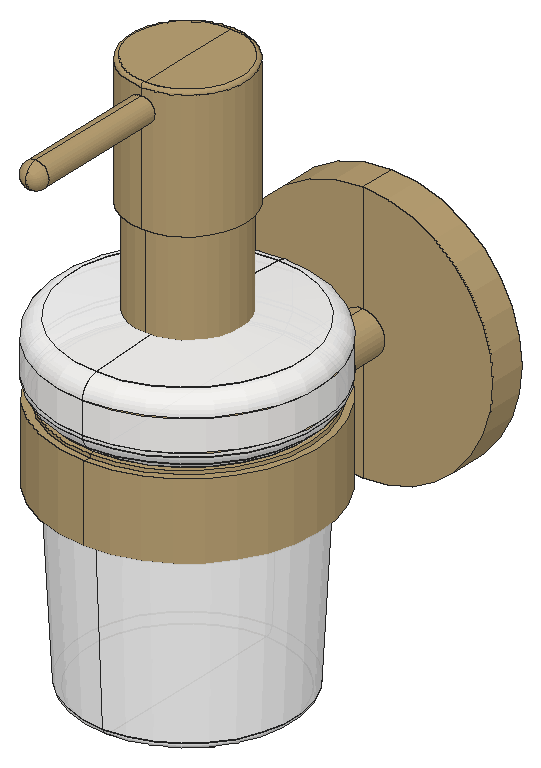
Revit family "Reece_Accessory_GROHE_Essentials_Soap Dispenser", category Plumbing Fixtures, Revit 2018
Family settings
  Round Connector Dimension = Use Diameter
  Part Type = Normal
  Work Plane-Based = Yes
  Always vertical = Yes
  Cut with Voids When Loaded = Yes
  Shared = Yes
  Room Calculation Point = Yes
Parameters (values of type "Chrome_Glass")
  URL = "https://www.reece.com.au/product/-9509011"
  Type Comments = "Accessory"
  Reece_Product_Web Page = "https://www.reece.com.au/product/-9509011"
  Reece_Product_Type = "Accessory"  # constant formula
  Reece_Product_Sub Brand = "Essentials"  # constant formula
  Reece_Product_Number = "9509011"
  Reece_Product_Mount = "Wall Mounted"
  Reece_Product_Description = "GROHE Essentials Accessories Soap Dispenser Brushed Cool Sunrise"
  Reece_Product_Brand = "GROHE"  # constant formula
  Reece_Overall_Width = 72 mm  # constant formula
  Reece_Overall_Height = 156 mm  # constant formula
  Reece_Material_Secondary = Reece_Safety Glass_Opaque
  Reece_Material_Main = Reece_Metal_Brushed_Cool Sunrise
  Reece_Height_From_Level [instance] = 1000 mm
  Reece_Detail_Shape = ""
  Reece_Detail_Installation = ""
  Reece_Detail_Disclaimer = "THIS FILE IS THE PROPERTY OF THE REECE GROUP. IT MAY NOT BE REPRODUCED, REVERSE-ENGINEERED OR MODIFIED. ANY REPUBLICATION, TRANSMISSION OR DISTRIBUTION FOR THE PURPOSE OF COMMERCIALLY EXPLOITING THE FILES IS PROHIBITED."  # constant formula
  Reece_Detail_Connector = ""
  Reece_Detail_Additional = ""
  Reece_Accessory_Projection = 126 mm  # constant formula
  Model = "Essentials"
  Manufacturer = "GROHE"
  Keynote = "Product #9509011, Reece_Accessory_GROHE_Essentials_Soap Dispenser - Brushed Cool Sunrise_Glass"
  Disclaimer = "THIS FILE IS THE PROPERTY OF THE REECE GROUP. IT MAY NOT BE REPRODUCED, REVERSE-ENGINEERED OR MODIFIED. ANY REPUBLICATION, TRANSMISSION OR DISTRIBUTION FOR THE PURPOSE OF COMMERCIALLY EXPLOITING THE FILES IS PROHIBITED."  # constant formula
  Description = "GROHE Essentials Accessories Soap Dispenser Brushed Cool Sunrise"
  Default Elevation = 0 mm
Reference planes
  plane 1 "Center (Front/Back)": y = 0
  plane 2 "Bottom Host Plane": z = -5
  plane 3 "Center (Left/Right)": x = 0
  plane 4 "Fixing Point": z = 1000
  plane 5: y = -126
  plane 6: z = 1095.19
  plane 7: z = 939.19
  plane 8: x = -36
  plane 9: x = 36
Forms (mm)
  Revolve 1, solid, material "Reece_Safety Glass_Opaque" <- "Reece_Material_Secondary"
    sketch origin (0, 0, 45.19) x (0, 1, 0) y (0, 0, 1)
      loop
        line (-80.96, 987.5) -> (-80.96, 986.4) -> (-101.817, 985.307)
        arc (-101.817, 985.307) -> (-105.182, 983.756) -> (-106.555, 980.314) r 5
        line (-106.555, 980.314) -> (-106.555, 971.69)
        arc (-106.555, 971.69) -> (-106.523, 971.128) -> (-106.429, 970.573) r 5
        arc (-106.429, 970.573) -> (-105.93, 969.27) -> (-105.09, 968.155) r 5
        line (-105.09, 968.155) -> (-103.196, 966.26) -> (-99.499, 895.895)
        arc (-99.499, 895.895) -> (-98.878, 894.549) -> (-97.501, 894) r 2
        line (-97.501, 894) -> (-70.31, 894) -> (-70.31, 987.5) -> (-80.96, 987.5)
      axis (-70.31, 987.5) -> (-70.31, 894)
    angle from 0 to 360
  Revolve 2, solid, material "Reece_Metal_Brushed_Cool Sunrise" <- "Reece_Material_Main"
    sketch origin (0, 0, 3.94) x (0, 1, 0) y (0, 0, 1)
      loop
        line (-70.31, 1007.51) -> (-70.31, 984.61) -> (-36.31, 984.61) -> (-36.31, 985.56) -> (-34.31, 985.56) -> (-34.31, 1006.56) -> (-36.31, 1006.56) -> (-36.31, 1007.51) -> (-70.31, 1007.51)
      axis (-70.31, 1007.51) -> (-70.31, 984.61)
    angle from 0 to 360
  Revolve 3, solid, material "Reece_Metal_Brushed_Cool Sunrise" <- "Reece_Material_Main"
    sketch origin (0, 0, 3.94) x (0, 1, 0) y (0, 0, 1)
      loop
        line (-70.31, 1091.25) -> (-85.31, 1091.25)
        arc (-85.31, 1091.25) -> (-86.017, 1090.957) -> (-86.31, 1090.25) r 1
        line (-86.31, 1090.25) -> (-86.31, 1055.25) -> (-84.81, 1055.25) -> (-84.81, 1028.75) -> (-80.96, 1028.75) -> (-70.31, 1028.75) -> (-70.31, 1091.25)
      axis (-70.31, 1091.25) -> (-70.31, 1028.75)
    angle from 0 to 360
  Revolve 4, solid, material "Reece_Metal_Brushed_Cool Sunrise" <- "Reece_Material_Main"
    sketch origin (0, 0, 0) x (0, 1, 0) y (0, 0, 1)
      loop
        line (-86.239, 1088.69) -> (-86.239, 1092.19) -> (-122.739, 1092.19)
        arc (-122.739, 1092.19) -> (-125.214, 1091.165) -> (-126.239, 1088.69) r 3.5
        line (-126.239, 1088.69) -> (-86.239, 1088.69)
      axis (-86.239, 1088.69) -> (-126.239, 1088.69)
    angle from 0 to 360
  Revolve 5, solid, material "Reece_Metal_Brushed_Cool Sunrise" <- "Reece_Material_Main"
    sketch origin (0, 0, 0) x (0, 1, 0) y (0, 0, 1)
      loop
        line (0, 1000) -> (0, 1036) -> (-10, 1036) -> (-10, 1000) -> (0, 1000)
      axis (0, 1000) -> (-10, 1000)
    angle from 0 to 360
  Revolve 6, solid, material "Reece_Metal_Brushed_Cool Sunrise" <- "Reece_Material_Main"
    sketch origin (0, 0, 0) x (0, 1, 0) y (0, 0, 1)
      loop
        line (-10, 1000) -> (-10, 1006) -> (-35, 1006) -> (-35, 1000) -> (-10, 1000)
      axis (-10, 1000) -> (-35, 1000)
    angle from 0 to 360
Cuts and joins
  joined: Revolve 2, Revolve 5, Revolve 6
Lines and regions (mm)
  model lines, style "InvisibleLines"
    curve 1: line (0, 0, -5) -> (0, 0, 1000)
Text (mm)
  text "Reece ©" at (2565.457, -2378.332, 3073.023), in view "Reece Preview"
  text "Reece ©" at (139.11, -190.468, -1020.679), in view "Ref. Level"
Dimensions and locks
  locked: plane 2 "Bottom Host Plane" to level at 5
  "Reece_Height_From_Level": plane 4 "Fixing Point" to level
  "Reece_Accessory_Projection": plane 1 "Center (Front/Back)" to plane 5
  "Reece_Overall_Height": plane 7 to plane 6
  "Reece_Overall_Width": plane 9 to plane 8
  locked: plane 7 to plane 4 "Fixing Point" at 60.81
  aligned and locked: plane 4 "Fixing Point" to curve 1
  aligned and locked: plane 2 "Bottom Host Plane" to curve 1
Automatic sketch dimensions
  curve 1 to plane 3 "Center (Left/Right)" = 0 mm
  Revolve 2 sketch curve to plane 4 "Fixing Point" = 11.45 mm
  plane 1 "Center (Front/Back)" to Revolve 2 sketch curve = 70.31 mm
  plane 4 "Fixing Point" to Revolve 2 sketch curve = 11.45 mm
  Revolve 2 sketch curve to Revolve 2 sketch curve = 34 mm
  Revolve 2 sketch curve to Revolve 2 sketch curve = 0 mm  (x2)
  Revolve 2 sketch curve to Revolve 2 sketch curve = 2 mm
  Revolve 2 sketch curve to Revolve 2 sketch curve = 0.95 mm  (x2)
  Revolve 2 sketch curve to Revolve 2 sketch curve = 4.646 mm
  Revolve 2 sketch curve to Revolve 2 sketch curve = 7.454 mm
  plane 1 "Center (Front/Back)" to Revolve 3 sketch curve = 86.31 mm
  Revolve 3 sketch curve to Revolve 3 sketch curve = 1 mm
  Revolve 3 sketch curve to Revolve 3 sketch curve = 1.5 mm
  Revolve 3 sketch curve to Revolve 3 sketch curve = 3.85 mm
  Revolve 3 sketch curve to Revolve 3 sketch curve = 10.65 mm
  Revolve 3 sketch curve to plane 4 "Fixing Point" = 32.69 mm
  Revolve 3 sketch curve to Revolve 3 sketch curve = 26.5 mm
  Revolve 3 sketch curve to Revolve 3 sketch curve = 35 mm
  Revolve 3 sketch curve to Revolve 3 sketch curve = 0 mm
  Revolve 3 sketch curve to Revolve 3 sketch curve = 7.5 mm
  Revolve 3 sketch curve to Revolve 3 sketch curve = 10 mm
  plane 1 "Center (Front/Back)" to Revolve 4 sketch curve = 122.739 mm
  Revolve 4 sketch curve to Revolve 4 sketch curve = 36.5 mm
  Revolve 4 sketch curve to plane 4 "Fixing Point" = 88.69 mm
  Revolve 4 sketch curve to Revolve 4 sketch curve = 0 mm  (x3)
  Revolve 4 sketch curve to Revolve 4 sketch curve = 3.5 mm
  Revolve 4 sketch curve to Revolve 4 sketch curve = 11.781 mm
  Revolve 4 sketch curve to Revolve 4 sketch curve = 5.281 mm
  Revolve 1 sketch curve to Revolve 1 sketch curve = 0 mm  (x3)
  Revolve 1 sketch curve to plane 5 = 19.445 mm
  Revolve 1 sketch curve to plane 4 "Fixing Point" = 13.344 mm
  Revolve 1 sketch curve to Revolve 1 sketch curve = 1.464 mm
  Revolve 1 sketch curve to Revolve 1 sketch curve = 1.894 mm  (x2)
  Revolve 1 sketch curve to Revolve 1 sketch curve = 4.738 mm
  Revolve 1 sketch curve to Revolve 1 sketch curve = 3.536 mm
  Revolve 1 sketch curve to Revolve 1 sketch curve = 0.262 mm
  Revolve 1 sketch curve to plane 5 = 26.501 mm
  Revolve 1 sketch curve to Revolve 1 sketch curve = 1.997 mm
  Revolve 1 sketch curve to Revolve 1 sketch curve = 20.857 mm
  Revolve 1 sketch curve to Revolve 1 sketch curve = 27.191 mm
  Revolve 1 sketch curve to Revolve 1 sketch curve = 8.624 mm
  Revolve 1 sketch curve to Revolve 1 sketch curve = 1.093 mm
  Revolve 1 sketch curve to Revolve 1 sketch curve = 1.1 mm
  Revolve 1 sketch curve to Revolve 1 sketch curve = 0.126 mm
  Revolve 1 sketch curve to Revolve 1 sketch curve = 26.309 mm
  Revolve 1 sketch curve to Revolve 1 sketch curve = 20 mm
  plane 4 "Fixing Point" to Revolve 1 sketch curve = 58.81 mm
  Revolve 1 sketch curve to Revolve 1 sketch curve = 0.105 mm
  plane 4 "Fixing Point" to Revolve 5 sketch curve = 0 mm  (x2)
  Revolve 5 sketch curve to plane 1 "Center (Front/Back)" = 0 mm  (x2)
  plane 1 "Center (Front/Back)" to Revolve 5 sketch curve = 10 mm
  Revolve 5 sketch curve to Revolve 5 sketch curve = 36 mm
  Revolve 5 sketch curve to Revolve 5 sketch curve = 15 mm
  Revolve 6 sketch curve to plane 4 "Fixing Point" = 0 mm
  plane 4 "Fixing Point" to Revolve 6 sketch curve = 0 mm
  Revolve 6 sketch curve to plane 4 "Fixing Point" = 6 mm
  plane 1 "Center (Front/Back)" to Revolve 6 sketch curve = 35 mm
  plane 1 "Center (Front/Back)" to Revolve 6 sketch curve = 10 mm
  Revolve 6 sketch curve to Revolve 6 sketch curve = 10 mm
  Revolve 6 sketch curve to Revolve 6 sketch curve = 0 mm
